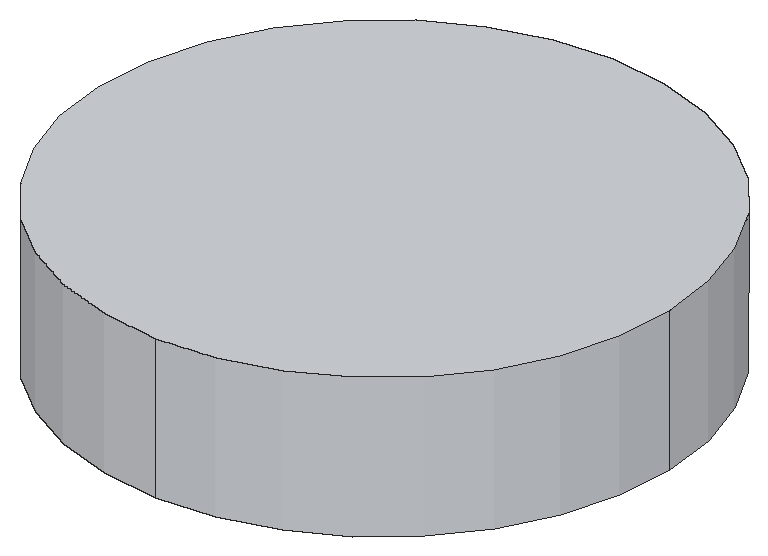
Revit family "4d4f850e5140492080124ae943bab9c6", category Mechanical Equipment, host Face, Revit 2021
Family settings
  Host = Face
  Round Connector Dimension = Use Radius
  Part Type = Normal
  OmniClass Number = 23.65.00.00
  OmniClass Title = Supply and Distribution of Liquids and Gases
  Seek Item ID = Pipe Connector - Other - Mechanical Equipment-0000-USA-ENU
  Cut with Voids When Loaded = No
  Shared = No
  Room Calculation Point = No
Parameters (values of type "Standard")
  Thickness [instance] = 0' - 1"
  Nominal Radius [instance] = 2"
  Flow [instance] = 10 GPM
  Nominal Diameter [instance] = Nominal Radius * 2  # 4"
  Default Elevation = 0' - 0"
  Assembly Code = ""
Reference planes (in)
  plane 1 "Center (Front/Back)": y = 0
  plane 2: z = 0
  plane 3 "Center (Left/Right)": x = 0
Forms (in)
  Sweep 1, solid
    path in 3D
      loop
        line (0, 0, 0) -> (0, 0, 1)
    profile "Duct - Round : Duct - Round" origin (0, 0, 0.5) x (0, -1, 0) y (1, 0, 0)
      loop
        arc (-2, 0) -> (-1.41421, -1.41421) -> (0, -2) r 2
        arc (0, -2) -> (1.41421, -1.41421) -> (2, 0) r 2
        arc (2, 0) -> (1.41421, 1.41421) -> (0, 2) r 2
        arc (0, 2) -> (-1.41421, 1.41421) -> (-2, 0) r 2
Lines and regions (in)
  reference lines
    curve 1: line (0, 0, 0) -> (0, 0, 1)
  sketch lines
    curve 2: line (0, 0, 0) -> (0, 0, 1)
Dimensions and locks (in)
  "Thickness": curve 1 to curve 1
  aligned and locked: plane 2 to host face
  aligned and locked: level to host face
  aligned and locked: host face to curve 1
  aligned and locked: curve 1 to plane 1 "Center (Front/Back)"
Automatic sketch dimensions
  host sketch curve to host sketch curve = 8' - 0"  (x2)
Connectors (in)
  piping at (0, 0, 1), diameter 4, driven by "Flow", driven by "Nominal Radius"
    settings: on Sweep 1, index 1, connector inside diameter 4", connector length 0' - 0", flow factor 0, pipe flow 10 GPM, pressure drop 0.00 psi, fitting loss kfactor 0, connector angle 0.00°, fixture units 0, engagement length 0' - 0", angle of deflection 0.00°, flow configuration 1, flow direction 2, fitting loss method 0, system type 22, joint type 0, gender type 0, connector reference index -1, connector utility 0, adjustable connector no, is connector primary yes, connector description ""
